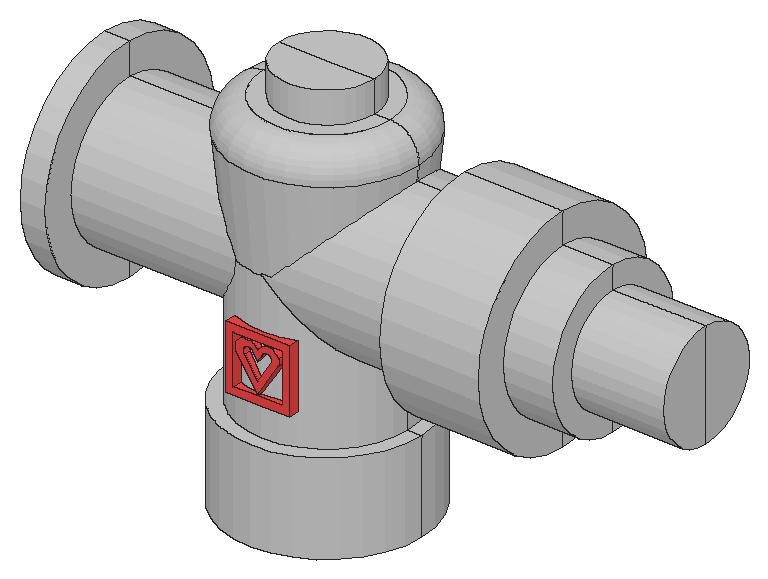
Revit family "HERZ-TS-98-VH-Thermostatventil Eck Spezial 7628", category Rohrzubehör, Revit 2021
Family settings
  Bemaßung runder Anschluss = Durchmesser verwenden
  Teiletyp = Unterbricht
  OmniClass-Nummer = 23.65.55.14
  OmniClass-Titel = Valves for Liquid Services
  Arbeitsebenenbasiert = Nein
  Immer vertikal = Ja
  Beim Laden mit Abzugskörper schneiden = Nein
  Gemeinsam genutzt = Nein
Parameters
  Vorgabe-Ansicht = 0.000 mm
  URL = "www.herz-armaturen.at"
  Schraubkappe = "Kunststoff, hellgrau"  # constant formula
  SCRNSEQ = "ARM;ARM_TYP=\"ALLF\";2"
  SCRNCODE = "05;00;02"  # constant formula
  S02 = L06 + L07 - L03  # 26.800 mm
  S01 = 10.000 mm  # constant formula
  R06 = 4.000 mm  # constant formula
  R05 = 13.500 mm  # constant formula
  R04 = 11.500 mm  # constant formula
  R03 = 9.000 mm  # constant formula
  R02 = 6.750 mm  # constant formula
  R01 = 7.000 mm  # constant formula
  Nennweite = 15.000 mm  # constant formula
  Medium = "Heizwasserqualität entsprechend ÖNORM H 5195 bzw. VDI-Richtlinie 2035"
  Max.Betriebstemperatur = 120 °C  # constant formula
  Max.Betriebsdruck = 1000000.0 Pa  # constant formula
  LO1 = 16.000 mm  # constant formula
  L11 = L01 - L05  # 28.000 mm
  L10 = 7.500 mm  # constant formula
  L09 = 19.500 mm  # constant formula
  L08 = 13.200 mm  # constant formula
  L07 = 20.300 mm  # constant formula
  L06 = 14.000 mm  # constant formula
  L05 = 3.500 mm  # constant formula
  L04 = 28.000 mm  # constant formula
  L03 = 7.500 mm  # constant formula
  L02 = 27.000 mm  # constant formula
  L01 = 31.500 mm  # constant formula
  Hersteller = "HERZ Armaturen Ges.m.b.H."  # constant formula
  H04 = 12.900 mm  # constant formula
  H03 = 4.400 mm  # constant formula
  H02 = 22.350 mm  # constant formula
  H01 = 33.500 mm  # constant formula
  Gehäuse = "vernickeltes Messing"  # constant formula
  GT = 9.500 mm  # constant formula
  G2 = Nennweite / 2  # 7.500 mm
  G1 = Nennweite / 2  # 7.500 mm
  D08 = 5.300 mm  # constant formula
  D07 = 17.100 mm  # constant formula
  D06 = 10.650 mm  # constant formula
  D05 = 15.000 mm  # constant formula
  D04 = 9.525 mm  # constant formula
  D03 = 11.500 mm  # constant formula
  D02 = 10.500 mm  # constant formula
  D01 = 15.000 mm  # constant formula
  Bestellnummer = 1762826  # constant formula
  Ausführungen = "Alle Modelle werden in vernickelter Ausführung mit hellgrauer Schraubkappe geliefert. Universalmodelle mit Spezialmuffe für Gewinderohr und Klemmsetanschluß"
  Anwendungsgebiet = "Wasserheizungsanlagen, bei denen der hydraulische Abgleich über Rücklaufventile nicht möglich oder nicht erwünscht ist."
  Anschlussgewinde für TH-Kopf = "M30x1.5"  # constant formula
Reference planes
  plane 1 "Mitte (Vorne/hinten)": y = 0
  plane 2: z = 0
  plane 3 "Mitte (Links/rechts)": x = 0
Forms (mm)
  Revolve 1, solid, material "Messing, weicher Gelbton, geschweißt", detail levels fine
    sketch origin (0, 0, 0) x (1, 0, 0) y (0, 0, 1)
      loop
        line (27, 0) -> (27, 9.525) -> (19.5, 9.525) -> (19.5, 11.5) -> (0, 11.5) -> (0, 10.5) -> (-28, 10.5) -> (-28, 15) -> (-31.5, 15) -> (-31.5, 0) -> (27, 0)
      axis (-31.5, 0) -> (27, 0)
    angle from 0 to 360
  Revolve 2, solid, material "Messing, weicher Gelbton, geschweißt", detail levels fine
    sketch origin (0, 0, 0) x (1, 0, 0) y (0, 0, 1)
      loop
        line (27, 0) -> (53.8, 0) -> (53.8, 7.5) -> (40.6, 7.5) -> (40.6, 10.65) -> (33.5, 10.65) -> (33.5, 15) -> (19.5, 15) -> (19.5, 9.525) -> (27, 9.525) -> (27, 0)
      axis (19.5, 0) -> (53.8, 0)
    angle from 0 to 360
  Revolve 3, solid, material "Messing, weicher Gelbton, geschweißt", detail levels fine
    sketch origin (0, 0, 0) x (1, 0, 0) y (0, 0, 1)
      loop
        line (0, 22.35) -> (0, -24) -> (7.5, -24) -> (7.5, -33.5) -> (13.5, -33.5) -> (13.5, -20.6) -> (11.5, -20.6) -> (11.5, 0) -> (12.969, 13.456)
        arc (12.969, 13.456) -> (11.998, 16.598) -> (9, 17.95) r 4
        line (9, 17.95) -> (6.75, 17.95) -> (6.75, 22.35) -> (0, 22.35)
      axis (0, 22.35) -> (0, -33.5)
    angle from 0 to 360
Lines and regions (mm)
  model lines, detail levels coarse+medium
    curve 1: line (0, 0, 0) -> (-13.5, 0, -33.5)
    curve 2: line (-13.5, 0, -33.5) -> (13.5, 0, -33.5)
    curve 3: line (13.5, 0, -33.5) -> (0, 0, 0)
    curve 4: line (0, 0, 0) -> (27, 0, 15)
    curve 5: line (27, 0, 15) -> (27, 0, -15)
    curve 6: line (27, 0, -15) -> (0, 0, 0)
    curve 7: line (0, 0, 0) -> (-31.5, 0, 0)
    curve 8: line (27, 0, 15) -> (37, 0, 15)
    curve 9: line (37, 0, 15) -> (27, 0, 0)
    curve 10: line (27, 0, -15) -> (37, 0, -15)
    curve 11: line (37, 0, -15) -> (27, 0, 0)
    curve 12: line (27, 0, 0) -> (53.8, 0, 0)
    curve 13: line (0, 0, 0) -> (-13.5, -33.5, 0)
    curve 14: line (-13.5, -33.5, 0) -> (13.5, -33.5, 0)
    curve 15: line (13.5, -33.5, 0) -> (0, 0, 0)
    curve 16: line (0, 0, 0) -> (27, 15, 0)
    curve 17: line (27, 15, 0) -> (27, -15, 0)
    curve 18: line (27, -15, 0) -> (0, 0, 0)
    curve 19: line (27, 15, 0) -> (37, 15, 0)
    curve 20: line (37, 15, 0) -> (27, 0, 0)
    curve 21: line (27, -15, 0) -> (37, -15, 0)
    curve 22: line (37, -15, 0) -> (27, 0, 0)
Dimensions and locks
  "D01": Revolve 1 sketch curve to Revolve 1 sketch curve
  "L05": Revolve 1 sketch curve to Revolve 1 sketch curve
  "D02": Revolve 1 sketch curve to Revolve 1 sketch curve
  "L01": plane 3 "Mitte (Links/rechts)" to Revolve 1 sketch curve
  "L02": plane 3 "Mitte (Links/rechts)" to Revolve 1 sketch curve
  "D03": Revolve 1 sketch curve to Revolve 1 sketch curve
  "D04": Revolve 1 sketch curve to Revolve 1 sketch curve
  "L04": Revolve 1 sketch curve to Revolve 1 sketch curve
  "L03": Revolve 1 sketch curve to Revolve 1 sketch curve
  "L06": Revolve 2 sketch curve to Revolve 2 sketch curve
  "L03": Revolve 2 sketch curve to Revolve 1
  "L02": Revolve 2 sketch curve to plane 3 "Mitte (Links/rechts)"
  "L07": Revolve 2 sketch curve to Revolve 2 sketch curve
  "L08": Revolve 2 sketch curve to Revolve 2 sketch curve
  "D04": Revolve 2 sketch curve to Revolve 2 sketch curve
  "D05": Revolve 2 sketch curve to Revolve 2 sketch curve
  "G2": Revolve 2 sketch curve to Revolve 2 sketch curve
  "D06": Revolve 2 sketch curve to Revolve 2 sketch curve
  "H01": plane 2 to Revolve 3 sketch curve
  "H02": Revolve 3 sketch curve to plane 2
  "R02": Revolve 3 sketch curve to Revolve 3 sketch curve
  "H03": Revolve 3 sketch curve to Revolve 3 sketch curve
  "H04": Revolve 3 sketch curve to Revolve 3 sketch curve
  "R05": Revolve 3 sketch curve to Revolve 3 sketch curve
  "R04": Revolve 3 sketch curve to Revolve 3 sketch curve
  "R03": Revolve 3 sketch curve to plane 3 "Mitte (Links/rechts)"
  "GT": Revolve 3 sketch curve to Revolve 3 sketch curve
  "G1": Revolve 3 sketch curve to Revolve 3 sketch curve
  "H01": plane 2 to curve 2
  "R05": curve 3 to plane 3 "Mitte (Links/rechts)" to curve 2
  "L02": curve 5 to plane 3 "Mitte (Links/rechts)"
  "D05": curve 8 to plane 2 to curve 10
  "S01": curve 5 to curve 9
  "S02": curve 12 to curve 12
  "L01": curve 7 to curve 7
  "H01": curve 14 to plane 1 "Mitte (Vorne/hinten)"
  "R05": curve 14 to plane 3 "Mitte (Links/rechts)" to curve 15
  "L02": plane 3 "Mitte (Links/rechts)" to curve 17
  "S01": curve 17 to curve 20
  "S01": curve 5 to curve 11
  "S01": curve 17 to curve 22
  "D05": curve 21 to plane 1 "Mitte (Vorne/hinten)" to curve 19
  "R04": nested 1 to plane 1 "Mitte (Vorne/hinten)"
  "LO1": plane 2 to nested 1
  "R06": radius of Revolve 3 sketch curve
  aligned and locked: level to plane 2
Automatic sketch dimensions
  curve 7 to level = 0.000 mm
  curve 1 to plane 3 "Mitte (Links/rechts)" = 0.000 mm
  curve 11 to level = 0.000 mm
  plane 1 "Mitte (Vorne/hinten)" to curve 13 = 0.000 mm
  curve 13 to plane 3 "Mitte (Links/rechts)" = 0.000 mm
  plane 1 "Mitte (Vorne/hinten)" to curve 20 = 0.000 mm
  Revolve 1 sketch curve to level = 0.000 mm  (x2)
  Revolve 1 sketch curve to Revolve 1 sketch curve = 1475.030 mm
  Revolve 1 sketch curve to Revolve 1 sketch curve = 1812.148 mm
  Revolve 2 sketch curve to level = 0.000 mm  (x2)
  Revolve 2 sketch curve to plane 3 "Mitte (Links/rechts)" = 1506.530 mm
  Revolve 2 sketch curve to Revolve 2 sketch curve = 1785.348 mm
  Revolve 3 sketch curve to plane 3 "Mitte (Links/rechts)" = 0.000 mm  (x2)
  Revolve 3 sketch curve to level = 0.000 mm
  Revolve 3 sketch curve to Revolve 3 sketch curve = 3.969 mm
  Revolve 3 sketch curve to Revolve 3 sketch curve = 332.545 mm
  Revolve 3 sketch curve to Revolve 3 sketch curve = 2191.965 mm
Nested families
  nested 1: "Herz-Logo-vorne" at (0, -11.5, -11.5) x (0, 1, 0) z (0, 0, 1), type "Herz-Logo-vorne"
Connectors
  piping at (53.8, 0, 0), diameter 15, driven by "Nennweite"
    settings: on Revolve 2, index 1, connector inside diameter 609.6 mm, connector length 0.000 mm, flow factor 0, pipe flow 0.0 L/s, pressure drop 0.0 Pa, fitting loss kfactor 0, connector angle 0.00°, fixture units 0, engagement length 0.000 mm, angle of deflection 0.00°, flow configuration 0, flow direction 2, fitting loss method 0, system type 7, joint type 0, gender type 0, connector reference index -1, connector utility 0, adjustable connector no, is connector primary yes, connector description ""
  piping at (0, 0, -24), diameter 15, driven by "Nennweite"
    settings: on Revolve 3, index 5, connector inside diameter 609.6 mm, connector length 0.000 mm, flow factor 0, pipe flow 0.0 L/s, pressure drop 0.0 Pa, fitting loss kfactor 0, connector angle 0.00°, fixture units 0, engagement length 0.000 mm, angle of deflection 0.00°, flow configuration 0, flow direction 1, fitting loss method 0, system type 7, joint type 0, gender type 0, connector reference index -1, connector utility 0, adjustable connector no, is connector primary no, connector description ""
Definition of nested family "Herz-Logo-vorne"
  Parameters (values of type "Herz-Logo-vorne")
    Default Elevation = 0.000 mm
  Reference planes
    plane 1 "Mitte (Vorne/hinten)": y = 0
    plane 2: z = 0
    plane 3 "Mitte (Links/rechts)": x = 0
  Forms (mm)
    Extrusion 1, solid
      sketch origin (0.732, -0.018, 0.017) x (0, -1, 0) y (0, 0, 1)
        loop
          line (-0.018, -4.517) -> (4.482, -4.517) -> (4.482, 4.483) -> (-4.518, 4.483) -> (-4.518, -4.517) -> (-0.018, -4.517)
        loop
          line (-0.05, -3.48) -> (3.482, -3.48) -> (3.482, 3.483) -> (-3.518, 3.483) -> (-3.518, -3.48) -> (-0.05, -3.48)
        loop
          arc (-0.018, 2.383) -> (-1.543, 3.287) -> (-3.067, 2.383) r 1.738
          arc (-3.067, 2.383) -> (-3.191, 1.899) -> (-3.067, 1.415) r 1.009
          line (-3.067, 1.415) -> (-0.018, -3.281) -> (3.032, 1.415)
          arc (3.032, 1.415) -> (3.156, 1.899) -> (3.032, 2.383) r 1.009
          arc (3.032, 2.383) -> (1.507, 3.287) -> (-0.018, 2.383) r 1.738
        loop
          arc (1.885, 1.272) -> (2.005, 1.675) -> (1.885, 2.079) r 0.74
          arc (1.885, 2.079) -> (1.265, 2.416) -> (0.644, 2.079) r 0.74
          line (0.644, 2.079) -> (-0.018, 0.97) -> (-0.679, 2.079)
          arc (-0.679, 2.079) -> (-1.3, 2.416) -> (-1.921, 2.079) r 0.74
          arc (-1.921, 2.079) -> (-2.04, 1.675) -> (-1.921, 1.272) r 0.74
          line (-1.921, 1.272) -> (-0.018, -1.658) -> (1.885, 1.272)
      from 0 to 1.5
  Dimensions and locks
    aligned and locked: level to plane 2
